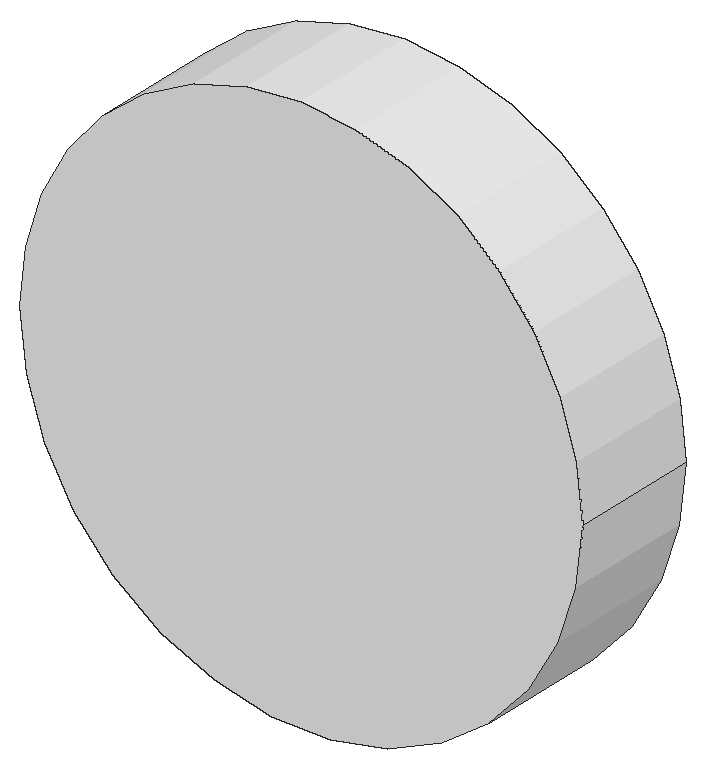
Revit family "313-19", category Aparatos sanitarios, Revit 2021
Family settings
  Cota de conector redondo = Diámetro de uso
  Tipo de pieza = Normal
  Número OmniClass = 23.45.00.00
  Título OmniClass = Sanitary, Laundry, and Cleaning Equipment
  Se basa en plano de trabajo = No
  Siempre vertical = Sí
  Corte con vacíos al cargar = No
  Compartido = Sí
  Punto de cálculo de habitación = No
Parameters (values of type "185-19")
  URL = "https://www.helvex.com.mx//productos/modelo/fluxometro-pedal-expuesto-para-mingitorio-313-19"
  Imagen de tipo = 313-19.jpg
  Elevación por defecto = 0"
  Comentarios de tipo = "Flush Valves"
  Note = "Fluxómetro de pedal expuesto para mingitorio de 19mm a 3LPD."
  Modelo = "313-19"
  Min. Working Pressure = 14.22 psi
  Max. Working Pressure = 85.34 psi
  Fabricante = "HELVEX"
  Instructive = "https://www.helvex.com.mx/files/instalacion/313-19.pdf"
  Flow = "2 - 3 Lts Per Flush"
  Documentation = "https://www.helvex.com.mx/files/especificacion/313-19.pdf"
  Descripción = "Fluxómetro de pedal expuesto para mingitorio 3LPD"
  Connection = "Conexión de alimentación: tubo 25,4 mm"
  Chrome = Brass Chromed
  Conexión AF = yes
Reference planes (in)
  plane 1 "Center (Front/Back)": y = 0
  plane 2: z = 0
  plane 3 "Center (Left/Right)": x = 0
  plane 4: z = 41.73
  plane 5: y = -2.5
Forms (in)
  Extrusion 1, solid, material "Brass Chromed" <- "Chrome"
    sketch origin (0, 0, 0) x (1, 0, 0) y (0, 0, 1)
      loop
        circle (-5.21599, 51.84982) r 1.375
    from 0 to 0.63
Dimensions and locks (in)
  locked: plane 4 to plane 2 at 41.73
  locked: plane 5 to plane 1 "Center (Front/Back)" at 2.5
  aligned and locked: level to plane 2
Connectors (in)
  piping at (-5.21599, 0, 51.84982), diameter 1, driven by "Conexión AF"
    settings: on Extrusion 1, index 1, connector inside diameter 24", connector length 0", flow factor 0, pipe flow 0.0 GPM, pressure drop 0.0 psi, fitting loss kfactor 0, connector angle 0.00°, fixture units 0, engagement length 0", angle of deflection 0.00°, flow configuration 2, flow direction 1, fitting loss method 0, system type 16, joint type 0, gender type 0, connector reference index -1, connector utility 1, adjustable connector no, is connector primary yes, connector description ""
  piping at (-0.15468, -2.5, 41.73), diameter 1
    settings: on import instance, index 2, connector inside diameter 24", connector length 0", flow factor 0, pipe flow 0.0 GPM, pressure drop 0.0 psi, fitting loss kfactor 0, connector angle 0.00°, fixture units 0, engagement length 0", angle of deflection 0.00°, flow configuration 0, flow direction 0, fitting loss method 0, system type 7, joint type 0, gender type 0, connector reference index -1, connector utility 0, adjustable connector no, is connector primary no, connector description ""
